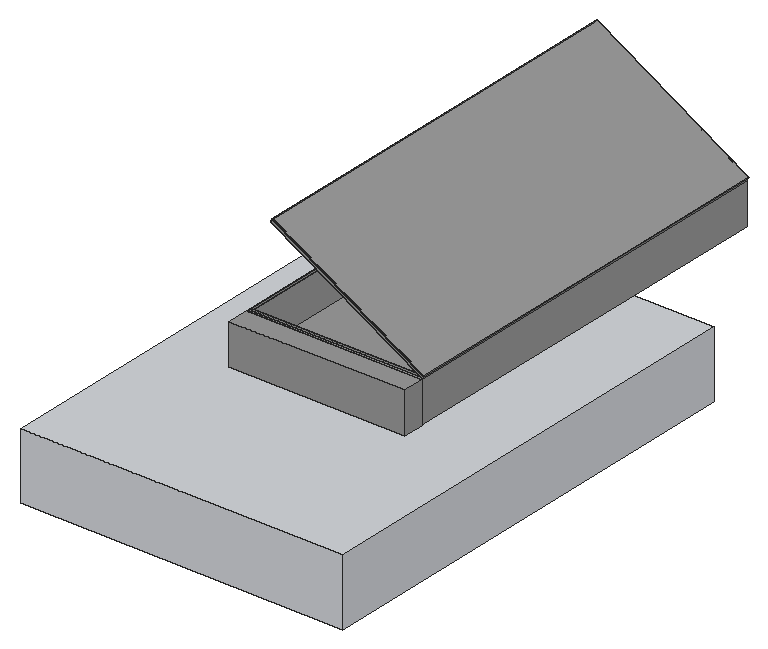
Revit family "Hager-Univers-IP54-D205-H1950-Cl.II-Encl-NoHosted-CH-de", category Equipement électrique, Revit 2020
Family settings
  Hôte = Face
  Configuration du panneau = Deux colonnes, circuits au sein
  Cote de connecteur circulaire = Utiliser le diamètre
  Type d'élément = Tableau de raccordement
  Couper avec des vides une fois chargée = Non
  Partagée = Non
  Point de calcul de pièce = Non
Parameters (values of type "Bodenaufstellung IP54 B800 H1950 T205  - FP23SW2")
  Width Control [instance] = if([EF000008 - Breite] > Min Width, [EF000008 - Breite], Min Width)  # 800 mm
  Commentaires du type = [HG000003 - Bereich]  # "Univers"
  Thickness Door [instance] = if([EF009171 - Materialstärke Tür/Deckel] > 3 mm, 3 mm, [EF009171 - Materialstärke Tür/Deckel])  # 1 mm
  Seal Frame Offset [instance] = 17 mm  # constant formula
  Plinth Visibility [instance] = [HG000027 - Sockelhöhe] > 0 mm  # yes
  Model = ""
  Min Width [instance] = 100 mm  # constant formula
  Min Height [instance] = 100 mm  # constant formula
  Min Depth [instance] = (2 * [EF009170 - Materialstärke Gehäuse]) + 1 mm  # 3 mm
  Internal Frame Depth [instance] = (Door System Depth * 0.5)  # 9 mm
  Height Control [instance] = if([EF000040 - Höhe] > Min Height, [EF000040 - Höhe], Min Height)  # 1950 mm
  HG000027 - Sockelhöhe = 100 mm
  HG000026 - Stehend auf dem Boden = yes
  HG000024 - Höhe des unteren Teils = 800 mm
  HG000023 - Gehäuse mit doppeltem Querschnitt = no
  HG000016 - 3D-Türsichtbarkeit [instance] = yes
  HG000015 - Sichtbarkeit der Türöffnung [instance] = no
  HG000014 - Tür rechts [instance] = yes
  HG000013 - Tür links [instance] = not([HG000014 - Tür rechts])  # no
  HG000012 - Türschwenkwinkel [instance] = 30.00°
  HG000010 - Asymmetrische Türen = no
  HG000009 - Doppelflügeligen Tür = no
  HG000006 - Unterputz = no
  HG000004 - Herstellerreferenz = "FP23SW2"
  HG000003 - Bereich = "Univers"
  HG000002 - Mit tür = yes
  Frame Offset Bottom [instance] = 10 mm  # constant formula
  Frame Offset [instance] = 15 mm  # constant formula
  EF015940 - Deckel mit Überdruckentlastung = no
  EF011959 - Schutzart (NEMA) = ""
  EF009554 - Anzahl der Öffnungen für Flanschplatten = 6
  Fabricant = "Hager"  # constant formula
  EF009212 - Ausführung Deckel = "EV000116 - geschlossen"
  EF009171 - Materialstärke Tür/Deckel = 1 mm
  EF009170 - Materialstärke Gehäuse = 1 mm
  EF008873 - Nennstrom (In) = 400 A
  EF007800 - Geeignet für Blitzschutz = no
  EF006306 - Mit Schloss = no
  EF006244 - Transparenter Deckel/Tür = no
  EF005474 - Schutzart (IP) = "EV006419 - IP54"
  EF004464 - Art der Tür = "EV002646 - Einzel"
  EF004427 - Anzahl der Module = 432
  EF004293 - Schlagfestigkeit = "EV006815 - IK09"
  EF003532 - Geeignet für Außengebrauch = no
  EF002950 - Breite in Teilungseinheiten = 36
  EF001613 - Funktionserhalt = "EV000494 - ohne"
  EF001596 - Werkstoff des Gehäuses = "EV000179 - Stahl"
  EF001131 - Innentiefe = 143 mm
  EF001088 - Anbaumöglichkeit = yes
  EF000437 - Anzahl der Leitungseinführungen = 6
  EF000339 - Art der Abdeckung = "EV001012 - Deckel"
  EF000266 - Anzahl der Reihen = 12
  EF000218 - Einbautiefe = 0 mm
  EF000118 - Mit Montageplatte = no
  EF000116 - RAL-Nummer = "9010"
  EF000049 - Tiefe = 205 mm
  EF000040 - Höhe = 1950 mm
  EF000008 - Breite = 800 mm
  EF000007 - Farbe = "EV000202 - weiß"
  EF000003 - Montageart = "EV012274 - Bodenaufstellung"
  Door System Leaf Tolerance [instance] = 1.5 mm  # constant formula
  Door System Depth [instance] = 18 mm  # constant formula
  Door Height [instance] = Height Control - [HG000027 - Sockelhöhe]  # 1850 mm
  Depth Control [instance] = if([EF000049 - Tiefe] > Min Depth, [EF000049 - Tiefe], Min Depth)  # 205 mm
  Default Elevation = 0 mm
  Connector Offset [instance] = Height Control / 2  # 975 mm
  Bottom Top Plate Trim [instance] = 1.5 mm  # constant formula
  Plinth height Ctrl [instance] = if([HG000027 - Sockelhöhe] > 0 mm, [HG000027 - Sockelhöhe], 12 mm)  # 100 mm
Types (5, lengths in mm): name | Width Control | HG000010 - Asymmetrische Türen | HG000009 - Doppelflügeligen Tür | HG000004 - Herstellerreferenz | EF009554 - Anzahl der Öffnungen für Flanschplatten | EF008873 - Nennstrom (In) | EF004464 - Art der Tür | EF004427 - Anzahl der Module | EF002950 - Breite in Teilungseinheiten | EF001131 - Innentiefe | EF000437 - Anzahl der Leitungseinführungen | EF000008 - Breite
  Bodenaufstellung IP54 B1050 H1950 T205  - FP24SW2 | 1050 | no | yes | "FP24SW2" | 8 | 400 A | "EV003602 - Doppel" | 576 | 48 | 143 | 8 | 1050
  Bodenaufstellung IP54 B1300 H1950 T205  - FP25SW2 | 1300 | yes | yes | "FP25SW2" | 10 | 400 A | "EV003602 - Doppel" | 720 | 60 | 130 | 10 | 1300
  Bodenaufstellung IP54 B300 H1950 T205  - FP21SW2 | 300 | no | no | "FP21SW2" | 2 | 250 A | "EV002646 - Einzel" | 144 | 12 | 143 | 2 | 300
  Bodenaufstellung IP54 B550 H1950 T205  - FP22SW2 | 550 | no | no | "FP22SW2" | 4 | 400 A | "EV002646 - Einzel" | 288 | 24 | 143 | 4 | 550
  Bodenaufstellung IP54 B800 H1950 T205  - FP23SW2 | 800 | no | no | "FP23SW2" | 6 | 400 A | "EV002646 - Einzel" | 432 | 36 | 143 | 6 | 800
Reference planes
  plane 1 "Center (Front/Back)": y = 0
  plane 2: z = 0
  plane 3 "Center (Left/Right)": x = 0
  plane 4: z = 205
  plane 5: y = 101
  plane 6: y = 1025
  plane 7: y = 100
  plane 8: y = 1950
  plane 9: z = 0
  plane 10: x = -385
  plane 11: x = 385
  plane 12: x = 384
  plane 13: x = -384
  plane 14: y = 1949
  plane 15: x = -383
  plane 16: x = -400
  plane 17: x = 383
  plane 18: x = 400
  plane 19: x = 399
  plane 20: x = -399
  plane 21: y = 111
  plane 22: y = 1950
  plane 23: y = 1934
  plane 24: z = 187
  plane 25: z = 1
  plane 26: z = 186
  plane 27: z = 204
Forms (mm)
  Extrusion 1, solid
    sketch origin (0, 0, 0) x (1, 0, 0) y (0, 1, 0)
      loop
        line (-702.964, 1305) -> (-702.964, -811.445) -> (766.763, -811.445) -> (766.763, 1305) -> (-702.964, 1305)
    from 0 to -304.8
  Extrusion 2, solid, material "Hager_Steel_RAL7035_Light_Grey", visible <- "Plinth Visibility", detail levels medium+fine
    sketch origin (0, 0, 0) x (1, 0, 0) y (0, 1, 0)
      loop
        line (-400, 0) -> (400, 0) -> (400, 100) -> (-400, 100) -> (-400, 0)
    from 0 to 187
  Extrusion 3, solid, material "Hager_Steel_RAL7035_Light_Grey", detail levels medium+fine
    sketch origin (0, 0, 0) x (1, 0, 0) y (0, 1, 0)
      loop
        line (-400, 100) -> (400, 100) -> (400, 1950) -> (-400, 1950) -> (-400, 100)
    from 0 to 187
  Extrusion 4, void
    sketch origin (0, 0, 0) x (1, 0, 0) y (0, 1, 0)
      loop
        line (-399, 101) -> (399, 101) -> (399, 1949) -> (-399, 1949) -> (-399, 101)
    from 1 to 186
  Extrusion 5, void
    sketch origin (-381.607, -4572, 187) x (0, -1, 0) y (-1, 0, 0)
      loop
        line (-4683, 2.393) -> (-6506, 2.393) -> (-6506, -765.607) -> (-4683, -765.607) -> (-4683, 2.393)
    from 0 to 1 <- "EF009170 - Materialstärke Gehäuse"
  Extrusion 6, solid, material "Hager_Steel_RAL7035_Light_Grey", detail levels fine
    sketch origin (0, 0, 187) x (1, 0, 0) y (0, 1, 0)
      loop
        line (-384, 1934) -> (-384, 111) -> (384, 111) -> (384, 1934) -> (-384, 1934)
      loop
        line (-385, 110) -> (385, 110) -> (385, 1935) -> (-385, 1935) -> (-385, 110)
    from 0 to 9 <- "Internal Frame Depth"
  Extrusion 7, solid, material "Hager_Steel_RAL7035_Light_Grey", detail levels coarse
    sketch origin (0, 0, 0) x (1, 0, 0) y (0, 1, 0)
      loop
        line (-400, 0) -> (400, 0) -> (400, 1950) -> (-400, 1950) -> (-400, 0)
    from 0 to 205
  Sweep 8, void
    path in 3D
      loop
        line (-400, 100, 0) -> (400, 100, 0) -> (400, 100, 187) -> (-400, 100, 187) -> (-400, 100, 0)
    profile origin (-400, 100, 93.5) x (-1, 0, 0) y (0, -1, 0)
      loop
        line (0, 0) -> (0, 1.5) -> (-1.5, 1.5)
        arc (-1.5, 1.5) -> (-1.061, 0.439) -> (0, 0) r 1.5
Cuts and joins
  Extrusion 4, Extrusion 5 cuts Extrusion 3
  Sweep 8 cuts Extrusion 2
Lines and regions (mm)
  Masking region 1
    outline origin (0, 0, 0) x (1, 0, 0) y (0, 0, 1)
      loop
        line (-400, 205) -> (-400, 0) -> (400, 0) -> (400, 205) -> (-400, 205)
  Masking region 2, detail levels medium+fine
    outline origin (0, 140, 0) x (0, 1, 0) y (0, 0, 1)
      loop
        line (-40, 0) -> (1810, 0) -> (1810, 187) -> (-40, 187) -> (-40, 0)
  Masking region 3, not visible, detail levels medium+fine
    outline origin (0, 297.922, 0) x (0, 1, 0) y (0, 0, 1)
      loop
        line (738.578, 0) -> (778.578, 0) -> (778.578, 194)
        arc (778.578, 194) -> (775.649, 201.071) -> (768.578, 204) r 10
        line (768.578, 204) -> (738.578, 204) -> (738.578, 0)
  Masking region 4, detail levels coarse
    outline origin (0, 0, 180) x (0, 1, 0) y (0, 0, 1)
      loop
        line (0, -180) -> (1950, -180) -> (1950, 25) -> (0, 25) -> (0, -180)
  Masking region 5, visible <- "Plinth Visibility", detail levels medium+fine
    outline origin (0, 52.24, 12.345) x (0, 0, -1) y (0, 1, 0)
      loop
        line (10.845, 47.76) -> (-173.155, 47.76)
        arc (-173.155, 47.76) -> (-173.594, 46.699) -> (-174.655, 46.26) r 1.5
        line (-174.655, 46.26) -> (-174.655, -52.24) -> (12.345, -52.24) -> (12.345, 46.26)
        arc (12.345, 46.26) -> (11.285, 46.699) -> (10.845, 47.76) r 1.5
  Masking region 6, detail levels medium+fine
    outline origin (-381.607, -4572, 187) x (-1, 0, 0) y (0, -1, 0)
      loop
        line (18.393, -6522) -> (18.393, -4672) -> (-781.607, -4672) -> (-781.607, -6522) -> (18.393, -6522)
  Masking region 7, visible <- "Plinth Visibility", detail levels medium+fine
    outline origin (-381.607, -4727, 187) x (-1, 0, 0) y (0, -1, 0)
      loop
        arc (16.893, -4827) -> (17.332, -4825.939) -> (18.393, -4825.5) r 1.5
        line (18.393, -4825.5) -> (18.393, -4727) -> (-781.607, -4727) -> (-781.607, -4825.5)
        arc (-781.607, -4825.5) -> (-780.546, -4825.939) -> (-780.107, -4827) r 1.5
        line (-780.107, -4827) -> (16.893, -4827)
  Masking region 8, detail levels coarse
    outline origin (-442.548, -4669.526, 187) x (-1, 0, 0) y (0, -1, 0)
      loop
        line (-42.548, -6619.526) -> (-42.548, -4669.526) -> (-842.548, -4669.526) -> (-842.548, -6619.526) -> (-42.548, -6619.526)
  sketch lines
    curve 1: line (-400, 100, 187) -> (-400, 100, 0)
    curve 2: line (400, 100, 187) -> (-400, 100, 187)
    curve 3: line (400, 100, 187) -> (400, 100, 0)
    curve 4: line (-400, 100, 0) -> (400, 100, 0)
Dimensions and locks
  "Depth Control": plane 4 to Extrusion 1
  "HG000027 - Sockelhöhe": plane 1 "Center (Front/Back)" to plane 7
  "EF009170 - Materialstärke Gehäuse": plane 5 to plane 7
  locked: connector elem to plane 3 "Center (Left/Right)"
  equal spacing: plane 8, plane 6, plane 7
  locked: connector elem to plane 6
  "EF009170 - Materialstärke Gehäuse": plane 8 to plane 14
  "EF009170 - Materialstärke Gehäuse": plane 10 to plane 13
  "EF009170 - Materialstärke Gehäuse": plane 12 to plane 11
  "Frame Offset": plane 20 to plane 13
  "Frame Offset": plane 12 to plane 19
  "EF009170 - Materialstärke Gehäuse": plane 16 to plane 20
  "EF009170 - Materialstärke Gehäuse": plane 19 to plane 18
  "Seal Frame Offset": plane 16 to plane 15
  "Seal Frame Offset": plane 17 to plane 18
  "Frame Offset Bottom": plane 21 to plane 5
  "Frame Offset": plane 14 to plane 23
  equal spacing: plane 16, plane 3 "Center (Left/Right)", plane 18
  "Width Control": plane 16 to plane 18
  "EF009170 - Materialstärke Gehäuse": plane 4 to plane 27
  "EF009170 - Materialstärke Gehäuse": plane 24 to plane 26
  "EF009170 - Materialstärke Gehäuse": plane 25 to level
  "Door System Depth": plane 4 to plane 24
  "Height Control": plane 1 "Center (Front/Back)" to Extrusion 7 sketch curve
  "Height Control": Masking region 4 sketch curve to plane 1 "Center (Front/Back)"
  "Height Control": plane 1 "Center (Front/Back)" to plane 22
  "Bottom Top Plate Trim": profile plane to Sweep 8 sketch curve
  "Bottom Top Plate Trim": Sweep 8 sketch curve to profile plane
  "Plinth height Ctrl": plane 1 "Center (Front/Back)" to Extrusion 2 sketch curve
  "Plinth height Ctrl": Masking region 5 sketch curve to plane 1 "Center (Front/Back)"
  "Plinth height Ctrl": plane 1 "Center (Front/Back)" to Masking region 7 sketch curve
  "Thickness Door": Extrusion 6 sketch curve to Extrusion 6 sketch curve  (x3)
  "Thickness Door": cut or joined group of Extrusion 3, Extrusion 4, Extrusion 5 to Extrusion 6 sketch curve
  radius of Masking region 3 sketch curve = 10 mm
  "Bottom Top Plate Trim": radius of Masking region 5 sketch curve  (x2)
  "Bottom Top Plate Trim": radius of Sweep 8 sketch curve
  "Bottom Top Plate Trim": radius of Masking region 7 sketch curve  (x2)
  aligned and locked: plane 2 to Extrusion 1
  aligned and locked: level to Extrusion 1
  aligned and locked: level to Masking region 1 sketch curve
  aligned and locked: Masking region 1 sketch curve to plane 18
  aligned and locked: Masking region 1 sketch curve to plane 16
  aligned and locked: plane 7 to Masking region 2 sketch curve
  aligned and locked: level to Masking region 3 sketch curve
  aligned and locked: Masking region 3 sketch curve to plane 27
  aligned and locked: level to Masking region 2 sketch curve
  aligned and locked: plane 1 "Center (Front/Back)" to Extrusion 2 sketch curve
  aligned and locked: Extrusion 3 sketch curve to plane 7
  aligned and locked: plane 16 to Extrusion 3 sketch curve
  aligned and locked: plane 18 to Extrusion 3 sketch curve
  aligned and locked: plane 20 to Extrusion 4 sketch curve
  aligned and locked: plane 19 to Extrusion 4 sketch curve
  aligned and locked: Extrusion 4 sketch curve to plane 5
  aligned and locked: Extrusion 4 to plane 25
  aligned and locked: plane 26 to Extrusion 4
  aligned and locked: plane 24 to Extrusion 3
  aligned and locked: Extrusion 5 sketch curve to plane 21
  aligned and locked: Extrusion 5 sketch curve to plane 13
  aligned and locked: Extrusion 5 sketch curve to plane 12
  aligned and locked: plane 18 to Extrusion 7 sketch curve
  aligned and locked: plane 1 "Center (Front/Back)" to Extrusion 7 sketch curve
  aligned and locked: plane 16 to Extrusion 7 sketch curve
  aligned and locked: plane 4 to Extrusion 7
  aligned and locked: Extrusion 7 to level
  aligned and locked: level to Masking region 4 sketch curve
  aligned and locked: Masking region 4 sketch curve to plane 1 "Center (Front/Back)"
  aligned and locked: Masking region 4 sketch curve to plane 4
  aligned and locked: nested 1 to level
  aligned and locked: nested 1 to plane 16
  aligned and locked: plane 8 to Extrusion 3 sketch curve
  aligned and locked: plane 23 to Extrusion 5 sketch curve
  aligned and locked: plane 14 to Extrusion 4 sketch curve
  aligned and locked: Masking region 2 sketch curve to plane 8
  aligned and locked: level to Masking region 5 sketch curve
  aligned and locked: plane 16 to Extrusion 2 sketch curve
  aligned and locked: plane 18 to Extrusion 2 sketch curve
  aligned and locked: Masking region 5 sketch curve to plane 24
  aligned and locked: Masking region 2 sketch curve to plane 24
  aligned and locked: plane 24 to Extrusion 2
  aligned and locked: profile plane to Sweep 8 sketch curve  (x2)
  aligned and locked: Masking region 6 sketch curve to plane 18
  aligned and locked: Masking region 6 sketch curve to plane 22
  aligned and locked: Masking region 6 sketch curve to plane 16
  aligned and locked: plane 8 to plane 22
  aligned and locked: Masking region 6 sketch curve to plane 7
  aligned and locked: Masking region 7 sketch curve to plane 16
  aligned and locked: Masking region 7 sketch curve to plane 1 "Center (Front/Back)"
  aligned and locked: Masking region 7 sketch curve to plane 18
  aligned and locked: Masking region 8 sketch curve to plane 1 "Center (Front/Back)"
  aligned and locked: Masking region 8 sketch curve to plane 18
  aligned and locked: Masking region 8 sketch curve to plane 22
  aligned and locked: Masking region 8 sketch curve to plane 16
  aligned and locked: nested 2 to plane 7
  aligned and locked: plane 3 "Center (Left/Right)" to nested 2
  aligned and locked: nested 2 to plane 24
  aligned and locked: Extrusion 6 sketch curve to cut or joined group of Extrusion 3, Extrusion 4, Extrusion 5  (x4)
Automatic sketch dimensions
  Extrusion 1 sketch curve to Extrusion 1 sketch curve = 1469.727 mm
  Extrusion 1 sketch curve to Extrusion 1 sketch curve = 2116.445 mm
  Masking region 1 sketch curve to plane 4 = 0 mm
  plane 6 to Masking region 3 sketch curve = 11.5 mm
  Masking region 3 sketch curve to Masking region 3 sketch curve = 30 mm
  Masking region 5 sketch curve to plane 1 "Center (Front/Back)" = 0 mm
Nested families
  nested 1: "Hager_Enclosure_Symbol" at (-400, 0, 0) x (1, 0, 0) z (0, -1, 0), Height <- "Depth Control", Width <- "Width Control", type "Hager_Enclosure_Symbol"
    with Width_Ctrl 800 mm, Width 800 mm, Height_Ctrl 205 mm, Height 205 mm, A_Width_Int 13.453 mm, A_Width 161.438 mm, A_Height_Ctrl 179.375 mm, A_Height 179.375 mm
  nested 2: "EC000058_Univers_Door" at (0, 100, 187) x (1, 0, 0) z (0, 1, 0), Leaf_Tolerance <- "Door System Leaf Tolerance", Angle <- "HG000012 - Türschwenkwinkel", Door_Depth <- "Door System Depth", Door_Left <- "HG000013 - Tür links", Transparent <- "EF006244 - Transparenter Deckel/Tür", Assymetrical <- "HG000010 - Asymmetrische Türen", Width <- "Width Control", Clearance <- "HG000015 - Sichtbarkeit der Türöffnung", Double <- "HG000009 - Doppelflügeligen Tür", 3d_Door <- "HG000016 - 3D-Türsichtbarkeit", Lock_Visibility <- "EF006306 - Mit Schloss", Width_Ctrl <- "Width Control", Door_Right <- "HG000014 - Tür rechts", Door <- "HG000002 - Mit tür", Height <- "Door Height", Thickness <- "Thickness Door", type "EC000058_Univers_Door", detail levels medium+fine
    with min_wh 3 mm, Width_Ctrl 800 mm, Width 800 mm, Transparent no, Thickness 1 mm, Seal_Material Hager_Rubber, Lock_Visibility no, Lock_Material Hager_Plastic_RAL9005_Jet_Black, Leaf_Width 800 mm, Leaf_Tolerance_External_Sides 0 mm, Leaf_Tolerance 1.5 mm, Leaf_Offset 0 mm, Leaf_Height 1847 mm, Leaf_2_Width 800 mm, Leaf_2_Offset 400 mm, Leaf_1_Width 800 mm, Leaf_1_Offset 400 mm, Height_Ctrl 1850 mm, Height 1850 mm, Glass_Material Hager_Glass, Double_Clearance_Ctrl no, Double no, Door_Right_Ctrl yes, Door_Right yes, Door_Material Hager_Steel_RAL7035_Light_Grey, Door_Left_Ctrl no, Door_Left no, Door_Depth 18 mm, Door yes, Clearance_Material Hager_Clearance, Clearance_Depth 800 mm, Clearance_Ctrl no, Clearance no, Assymetrical no, Angle 30.00°, 3d_Door yes
Connectors
  electrical at (0, 1025, 0)
    settings: on plane 9, index 1, voltage 0 V, apparent load 0 VA, apparent load phase1 0 VA, apparent load phase2 0 VA, apparent load phase3 0 VA, power factor 1, load classification "Other", number of poles 1, system type 30, power factor state 1, is connector primary yes, connector utility no, sub classification motor no, connector description ""
Definition of nested family "EC000058_Univers_Door"
  Parameters (values of type "EC000058_Univers_Door")
    min_wh [instance] = (2 * Thickness) + 1 mm  # 11 mm
    Width_Ctrl [instance] = 400 mm
    Width [instance] = 500 mm
    Transparent [instance] = yes
    Thickness [instance] = 5 mm
    Seal_Material [instance] = none
    Lock_Visibility [instance] = yes
    Lock_Material [instance] = none
    Leaf_Width [instance] = if((Width_Ctrl - 2 * Leaf_Tolerance_External_Sides) > 0 mm, (Width_Ctrl - 2 * Leaf_Tolerance_External_Sides), min_wh)  # 400 mm
    Leaf_Tolerance_External_Sides [instance] = 0 mm  # constant formula
    Leaf_Tolerance [instance] = 1.5 mm
    Leaf_Offset [instance] = 0 mm  # constant formula
    Leaf_Height [instance] = if((Height_Ctrl - 2 * Leaf_Tolerance) > 0 mm, (Height_Ctrl - 2 * Leaf_Tolerance), min_wh)  # 497 mm
    Leaf_2_Width [instance] = if(and(and(Double, Assymetrical), Door_Left), (Leaf_Width / 3) - (Leaf_Tolerance / 2), if(and(and(Double, Assymetrical), Door_Right), (Leaf_Width / 3) * 2 - (Leaf_Tolerance / 2), if(and(Double, not(Assymetrical)), (Leaf_Width / 2) - Leaf_Tolerance, Leaf_Width)))  # 400 mm
    Leaf_2_Offset [instance] = if(and(Double, Assymetrical), Leaf_2_Width / 2, if(and(Double, not(Assymetrical)), Leaf_Width / 4, Leaf_Width / 2))  # 200 mm
    Leaf_1_Width [instance] = if(and(and(Double, Assymetrical), Door_Right), (Leaf_Width / 3) - (Leaf_Tolerance / 2), if(and(and(Double, Assymetrical), Door_Left), (Width / 3) * 2 - (Leaf_Tolerance / 2), if(and(Double, not(Assymetrical)), (Leaf_Width / 2) - Leaf_Tolerance, Leaf_Width)))  # 400 mm
    Leaf_1_Offset [instance] = if(and(Double, Assymetrical), Leaf_1_Width / 2, if(and(Double, not(Assymetrical)), Leaf_Width / 4, Leaf_Width / 2))  # 200 mm
    Height_Ctrl [instance] = if(Height > min_wh, Height, min_wh)  # 500 mm
    Height [instance] = 500 mm
    Glass_Material [instance] = none
    Double_Clearance_Ctrl [instance] = and(Double, Clearance)  # no
    Double [instance] = no
    Door_Right_Ctrl [instance] = and(or(Door_Right, Double), Door)  # yes
    Door_Right [instance] = yes
    Door_Material [instance] = none
    Door_Left_Ctrl [instance] = and(or(Door_Left, Double), Door)  # no
    Door_Left [instance] = no
    Door_Depth [instance] = 30 mm
    Door [instance] = yes
    Default Elevation = 1219.2 mm
    Clearance_Material [instance] = none
    Clearance_Depth [instance] = if(Leaf_1_Width > Leaf_2_Width, Leaf_1_Width, Leaf_2_Width)  # 400 mm
    Clearance_Ctrl [instance] = and(not(Double), Clearance)  # yes
    Clearance [instance] = yes
    Assymetrical [instance] = yes
    Angle [instance] = 30.00°
    3d_Door [instance] = yes
  Reference planes
    plane 1 "Center (Front/Back)": y = 0
    plane 2 "Bottom": z = 0
    plane 3 "Center (Left/Right)": x = 0
    plane 4: z = 500
    plane 5: x = -200
    plane 6: x = 200
    plane 7: z = 500
    plane 8: x = -200
    plane 9: z = 0
    plane 10: x = 200
    plane 11: y = 0
    plane 12: z = 1.5
    plane 13: x = -600
    plane 14: y = -400
    plane 15: x = 600
    plane 16: x = 0
    plane 17: x = 0
    plane 18: x = -200
    plane 19: x = 200
    plane 20: z = 498.5
  Forms (mm)
    Extrusion 1, solid, material <- "Clearance_Material", visible <- "Double_Clearance_Ctrl"
      sketch origin (1200, 0, 0) x (1, 0, 0) y (0, 0, -1)
        loop
          line (-1800, -498.5) -> (-600, -498.5) -> (-600, 0) -> (-1800, 0) -> (-1800, -498.5)
      from 0 to -400
  Dimensions and locks
    equal spacing: plane 5, plane 3 "Center (Left/Right)", plane 6
    "Width_Ctrl": plane 5 to plane 6
    "Leaf_Offset": plane 5 to plane 8
    "Leaf_Offset": plane 6 to plane 10
    "Leaf_Offset": plane 9 to level
    "Leaf_Offset": plane 4 to plane 7
    "Height_Ctrl": plane 4 to level
    "Leaf_Tolerance": plane 12 to plane 9
    locked: plane 11 to plane 1 "Center (Front/Back)"
    "Leaf_1_Offset": plane 18 to plane 16
    "Leaf_2_Offset": plane 17 to plane 19
    "Leaf_1_Width": plane 13 to plane 8
    "Leaf_2_Width": plane 10 to plane 15
    "Clearance_Depth": plane 14 to plane 1 "Center (Front/Back)"
    "Leaf_Tolerance_External_Sides": plane 8 to plane 18
    "Leaf_Tolerance_External_Sides": plane 19 to plane 10
    "Leaf_Tolerance": plane 7 to plane 20
    aligned and locked: level to plane 2 "Bottom"
    aligned and locked: nested 1 to plane 16
    aligned and locked: nested 2 to plane 17
    aligned and locked: Extrusion 1 to plane 13
    aligned and locked: plane 15 to Extrusion 1
    aligned and locked: Extrusion 1 to plane 14
    aligned and locked: plane 12 to nested 1
    aligned and locked: nested 2 to plane 12
    aligned and locked: Extrusion 1 to plane 11
    aligned and locked: plane 20 to Extrusion 1
    aligned and locked: nested 2 to plane 11
    aligned and locked: nested 1 to plane 11
  Automatic sketch dimensions
    Extrusion 1 sketch curve to level = 0 mm
    plane 5 to Extrusion 1 sketch curve = 400 mm
    plane 6 to Extrusion 1 sketch curve = 400 mm
    Extrusion 1 sketch curve to plane 4 = 1.5 mm
  Nested families
    nested 1: "EC000058_Univers_Door_Leaf" at (0, 0, 1.5), Width <- "Leaf_1_Width", visible <- "Door_Left_Ctrl", Leaf_Height <- "Leaf_Height", Angle <- "Angle", 3d_Door <- "3d_Door", Transparent <- "Transparent", Clearance Material <- "Clearance_Material", Clearance <- "Clearance_Ctrl", Door_Material <- "Door_Material", Glass_Material <- "Glass_Material", Door_Depth <- "Door_Depth", Lock_Material <- "Lock_Material", Seal_Material <- "Seal_Material", Lock_Visibility <- "Lock_Visibility", Thickness <- "Thickness", type "EC000058_Univers_Door_Leaf"
      with Width 400 mm, Transparent_Glass_Offset 30 mm, Transparent_Ctrl yes, Transparent yes, Thickness 5 mm, Standard no, Seal_Material none, Seal_D2 8 mm, Seal_D1 1 mm, Offset_Internal_Frame 10 mm, Lock_Width 20 mm, Lock_Visibility_3d yes, Lock_Visibility yes, Lock_Thickness_3 3 mm, Lock_Thickness_2 1 mm, Lock_Thickness_1 3 mm, Lock_Radius_Offset_2 16 mm, Lock_Radius_Offset_1 15 mm, Lock_Radius_2 5 mm, Lock_Radius 6 mm, Lock_Offset 5 mm, Lock_Material none, Lock_Height 80 mm, Lock_Cover_Top_Offset_2d 17 mm, Lock_Cover_Height -65 mm, Leaf_Height 497 mm, Internal_Seal_Thickness 8 mm, Internal_Seal_Depth_2 4.5 mm, Internal_Frame_Depth 25 mm, Glass_Thickness -1 mm, Glass_Offset -2 mm, Glass_Material none, Door_Material none, Door_Depth 30 mm, Clearance Material none, Clearance yes, Angle_Ctrl 30.00°, Angle 30.00°, 3d_Door yes
    nested 2: "EC000058_Univers_Door_Leaf" at (0, 0, 1.5) x (-1, 0, 0) z (0, 0, 1), Width <- "Leaf_2_Width", visible <- "Door_Right_Ctrl", Leaf_Height <- "Leaf_Height", Angle <- "Angle", 3d_Door <- "3d_Door", Transparent <- "Transparent", Clearance Material <- "Clearance_Material", Clearance <- "Clearance_Ctrl", Door_Material <- "Door_Material", Glass_Material <- "Glass_Material", Door_Depth <- "Door_Depth", Lock_Material <- "Lock_Material", Seal_Material <- "Seal_Material", Lock_Visibility <- "Lock_Visibility", Thickness <- "Thickness", type "EC000058_Univers_Door_Leaf"
      with Width 400 mm, Transparent_Glass_Offset 30 mm, Transparent_Ctrl yes, Transparent yes, Thickness 5 mm, Standard no, Seal_Material none, Seal_D2 8 mm, Seal_D1 1 mm, Offset_Internal_Frame 10 mm, Lock_Width 20 mm, Lock_Visibility_3d yes, Lock_Visibility yes, Lock_Thickness_3 3 mm, Lock_Thickness_2 1 mm, Lock_Thickness_1 3 mm, Lock_Radius_Offset_2 16 mm, Lock_Radius_Offset_1 15 mm, Lock_Radius_2 5 mm, Lock_Radius 6 mm, Lock_Offset 5 mm, Lock_Material none, Lock_Height 80 mm, Lock_Cover_Top_Offset_2d 17 mm, Lock_Cover_Height -65 mm, Leaf_Height 497 mm, Internal_Seal_Thickness 8 mm, Internal_Seal_Depth_2 4.5 mm, Internal_Frame_Depth 25 mm, Glass_Thickness -1 mm, Glass_Offset -2 mm, Glass_Material none, Door_Material none, Door_Depth 30 mm, Clearance Material none, Clearance yes, Angle_Ctrl 30.00°, Angle 30.00°, 3d_Door yes
  Definition of nested family "EC000058_Univers_Door_Leaf"
    Parameters (values of type "EC000058_Univers_Door_Leaf")
      Width [instance] = 2000 mm
      Transparent_Glass_Offset [instance] = 30 mm
      Transparent_Ctrl [instance] = and(Transparent, [3d_Door])  # yes
      Transparent [instance] = yes
      Thickness [instance] = 5 mm
      Standard [instance] = and(not(Transparent), [3d_Door])  # no
      Seal_Material [instance] = none
      Seal_D2 [instance] = 8 mm  # constant formula
      Seal_D1 [instance] = 1 mm  # constant formula
      Offset_Internal_Frame [instance] = 10 mm  # constant formula
      Lock_Width [instance] = 20 mm  # constant formula
      Lock_Visibility_3d [instance] = and(Lock_Visibility, [3d_Door])  # yes
      Lock_Visibility [instance] = yes
      Lock_Thickness_3 [instance] = 3 mm  # constant formula
      Lock_Thickness_2 [instance] = 1 mm  # constant formula
      Lock_Thickness_1 [instance] = 3 mm  # constant formula
      Lock_Radius_Offset_2 [instance] = Lock_Radius_Offset_1 + 1 mm  # 16 mm
      Lock_Radius_Offset_1 [instance] = 15 mm  # constant formula
      Lock_Radius_2 [instance] = Lock_Radius - 1 mm  # 5 mm
      Lock_Radius [instance] = 6 mm  # constant formula
      Lock_Offset [instance] = 5 mm  # constant formula
      Lock_Material [instance] = none
      Lock_Height [instance] = 80 mm  # constant formula
      Lock_Cover_Top_Offset_2d [instance] = Lock_Radius_Offset_2 + 1 mm  # 17 mm
      Lock_Cover_Height [instance] = -(Lock_Height - Lock_Radius_Offset_1)  # -65 mm
      Leaf_Height [instance] = 2720.336 mm
      Internal_Seal_Thickness [instance] = 8 mm  # constant formula
      Internal_Seal_Depth_2 [instance] = 4.5 mm  # constant formula
      Internal_Frame_Depth [instance] = if(Door_Depth - Thickness > 5 mm, Door_Depth - Thickness, 5 mm)  # 25 mm
      Glass_Thickness [instance] = if(Thickness > 15 mm, Glass_Offset + 10 mm, -1 mm)  # -1 mm
      Glass_Offset [instance] = if(Thickness > 15 mm, -(Thickness + 10 mm) / 2, -2 mm)  # -2 mm
      Glass_Material [instance] = none
      Door_Material [instance] = none
      Door_Depth [instance] = 30 mm
      Default Elevation = 0 mm
      Clearance Material [instance] = none
      Clearance [instance] = yes
      Angle_Ctrl [instance] = if(Angle > 180.00°, 180.00°, Angle)  # 90.00°
      Angle [instance] = 90.00°
      3d_Door [instance] = yes
    Reference planes
      plane 1 "Center (Front/Back)": y = 0
      plane 2: z = 0
      plane 3 "Center (Left/Right)": x = 0
      plane 4: y = 2000
      plane 5: x = -1000
      plane 6: x = 1000
      plane 7: x = -3000
      plane 8: z = 2720.336
      plane 9: z = 30
      plane 10: z = 2690.336
      plane 11: x = 970
      plane 12: x = -970
      plane 13: y = -3
      plane 14: z = 107.833
      plane 15: y = -5
      plane 16: y = -223.314
      plane 17: x = -1000
      plane 18: z = 1360.168
      plane 19: y = 30
    Forms (mm)
      Extrusion 1, solid, material <- "Clearance Material", visible <- "Clearance"
        sketch origin (0, 0, 0) x (1, 0, 0) y (0, 0, 1)
          loop
            line (-3000, 2720.336) -> (-3000, 0) -> (1000, 0) -> (1000, 2720.336) -> (-3000, 2720.336)
        from 0 to -2000
      Extrusion 2, solid, material <- "Door_Material", visible <- "Standard", detail levels medium+fine
        sketch origin (-1000, 0, 0) x (0, 1, 0) y (-1, 0, 0)
          loop
            line (0, 30) -> (0, 25) -> (2000, 25) -> (2000, 30) -> (0, 30)
        from 0 to 2720.336 <- "Leaf_Height"
      Extrusion 3, solid, material <- "Door_Material", visible <- "Transparent_Ctrl", detail levels medium+fine
        sketch origin (-1000, 0, 0) x (0, 1, 0) y (-1, 0, 0)
          loop
            line (0, 25) -> (2000, 25) -> (2000, 30) -> (0, 30) -> (0, 25)
        from 0 to 2720.336 <- "Leaf_Height"
      Extrusion 4, void
        sketch origin (-1025, 2000, 0) x (0, 1, 0) y (0, 0, -1)
          loop
            line (-30, -2690.336) -> (-30, -30) -> (-1970, -30) -> (-1970, -2690.336) -> (-30, -2690.336)
        from 0 to 5 <- "Thickness"
      Sweep 5, solid, material <- "Seal_Material", visible <- "Transparent_Ctrl", detail levels fine
        path in 3D
          loop
            line (-1025, 30, 30) -> (-1025, 30, 2690.336) -> (-1025, 1970, 2690.336) -> (-1025, 1970, 30) -> (-1025, 30, 30)
        profile origin (-1025, 1000, 30) x (1, 0, 0) y (0, 0, 1)
          loop
            line (0, 0) -> (0, -8) -> (1, -8) -> (1, 0) -> (0, 0)
      Extrusion 6, solid, material <- "Glass_Material", visible <- "Transparent_Ctrl", detail levels medium+fine
        sketch origin (-1030, 0, 0) x (0, 1, 0) y (0, 0, -1)
          loop
            line (1970, -2690.336) -> (1970, -30) -> (30, -30) -> (30, -2690.336) -> (1970, -2690.336)
        from -2 <- "Glass_Offset" to -1 <- "Glass_Thickness"
      Extrusion 7, solid, material <- "Door_Material", visible <- "3d_Door", detail levels medium+fine
        sketch origin (-1025, 2000, 0) x (0, -1, 0) y (0, 0, -1)
          loop
            line (0, -2720.336) -> (2000, -2720.336) -> (2000, 0) -> (0, 0) -> (0, -2720.336)
          loop
            line (1995, -5) -> (5, -5) -> (5, -2715.336) -> (1995, -2715.336) -> (1995, -5)
        from 0 to 25 <- "Internal_Frame_Depth"
      Sweep 8, solid, material <- "Seal_Material", visible <- "Transparent_Ctrl", detail levels fine
        path in 3D
          loop
            line (-1025, 0, 0) -> (-1025, 2000, 0) -> (-1025, 2000, 2720.336) -> (-1025, 0, 2720.336) -> (-1025, 0, 0)
        profile origin (-1025, 0, 1360.168) x (1, 0, 0) y (0, 1, 0)
          loop
            line (0, 10) -> (2.975, 10)
            arc (2.975, 10) -> (4.053, 10.447) -> (4.5, 11.525) r 1.525
            line (4.5, 11.525) -> (4.5, 16.527)
            arc (4.5, 16.527) -> (4.069, 17.569) -> (3.027, 18) r 1.473
            line (3.027, 18) -> (0, 18) -> (0, 10)
      Extrusion 9, solid, material <- "Lock_Material", visible <- "Lock_Visibility_3d", detail levels fine
        sketch origin (-1030, 0, 0) x (0, 1, 0) y (0, 0, -1)
          loop
            arc (1993.5, -1400.168) -> (1994.561, -1399.729) -> (1995, -1398.668) r 1.5
            line (1995, -1398.668) -> (1995, -1320.168) -> (1975, -1320.168) -> (1975, -1398.668)
            arc (1975, -1398.668) -> (1975.439, -1399.729) -> (1976.5, -1400.168) r 1.5
            line (1976.5, -1400.168) -> (1993.5, -1400.168)
        from 3 <- "Lock_Thickness_1" to 0
      Blend 10, solid, material <- "Lock_Material", visible <- "Lock_Visibility_3d", detail levels fine
        base sketch origin (-1033, 0, 0) x (0, 1, 0) y (0, 0, -1)
          loop
            line (1975, -1320.168) -> (1975, -1398.668)
            arc (1975, -1398.668) -> (1975.439, -1399.729) -> (1976.5, -1400.168) r 1.5
            line (1976.5, -1400.168) -> (1993.5, -1400.168)
            arc (1993.5, -1400.168) -> (1994.561, -1399.729) -> (1995, -1398.668) r 1.5
            line (1995, -1398.668) -> (1995, -1320.168) -> (1975, -1320.168)
        top sketch origin (-1033, 0, 0) x (0, 1, 0) y (0, 0, -1)
          loop
            line (1976, -1320.168) -> (1976, -1398.668)
            arc (1976, -1398.668) -> (1976.146, -1399.022) -> (1976.5, -1399.168) r 0.5
            line (1976.5, -1399.168) -> (1993.5, -1399.168)
            arc (1993.5, -1399.168) -> (1993.854, -1399.022) -> (1994, -1398.668) r 0.5
            line (1994, -1398.668) -> (1994, -1320.168) -> (1976, -1320.168)
        from 0 to 1 <- "Lock_Thickness_2"
      Blend 11, solid, material <- "Lock_Material", visible <- "Lock_Visibility_3d", detail levels fine
        base sketch origin (-1034, 0, 0) x (0, 1, 0) y (0, 0, -1)
          loop
            line (1978, -1320.168) -> (1978, -1384.168)
            arc (1978, -1384.168) -> (1985, -1391.168) -> (1992, -1384.168) r 7
            line (1992, -1384.168) -> (1992, -1320.168) -> (1978, -1320.168)
        top sketch origin (-1034, 0, 0) x (0, 1, 0) y (0, 0, -1)
          loop
            line (1991, -1320.168) -> (1979, -1320.168) -> (1979, -1383.168)
            arc (1979, -1383.168) -> (1985, -1389.168) -> (1991, -1383.168) r 6
            line (1991, -1383.168) -> (1991, -1320.168)
        from 0 to 3 <- "Lock_Thickness_3"
      Extrusion 12, solid, material <- "Lock_Material", visible <- "Lock_Visibility_3d", detail levels fine
        sketch origin (-1030, 1975, 1320.168) x (1, 0, 0) y (0, -1, 0)
          loop
            line (-7, -19) -> (-7, -1) -> (0, -1) -> (0, 0) -> (-8, 0) -> (-8, -20) -> (0, -20) -> (0, -19) -> (-7, -19)
        from 0 to -65 <- "Lock_Cover_Height"
      Extrusion 13, void
        sketch origin (-1038, 1995, 1320.168) x (-1, 0, 0) y (0, 0, -1)
          loop
            line (-5, -65) -> (0, -65) -> (-5, -60) -> (-5, -65)
        from 0 to 20 <- "Lock_Width"
      Extrusion 14, void
        sketch origin (-1038, 1975, 1320.168) x (0, -1, 0) y (0, 0, -1)
          loop
            circle (-10, -15.995) r 6
          loop
            circle (-10, -15.995) r 5
        from 0 to 2
      Extrusion 15, solid, material <- "Lock_Material", visible <- "Lock_Visibility_3d", detail levels medium
        sketch origin (-1030, 0, 0) x (0, 1, 0) y (0, 0, -1)
          loop
            arc (1993.5, -1400.168) -> (1994.561, -1399.729) -> (1995, -1398.668) r 1.5
            line (1995, -1398.668) -> (1995, -1320.168) -> (1975, -1320.168) -> (1975, -1398.668)
            arc (1975, -1398.668) -> (1975.439, -1399.729) -> (1976.5, -1400.168) r 1.5
            line (1976.5, -1400.168) -> (1993.5, -1400.168)
        from 8 to 0
    Cuts and joins
      Extrusion 4 cuts Extrusion 3
      Extrusion 13, Extrusion 14 cuts Extrusion 9
      Extrusion 14 cuts Blend 11
      Extrusion 13, Extrusion 14 cuts Extrusion 12
      joined: Extrusion 9, Blend 10, Blend 11, Extrusion 12
      Extrusion 14 cuts Extrusion 15
    Lines and regions (mm)
      Masking region 1, visible <- "Lock_Visibility", detail levels fine
        outline origin (0, 0, 0) x (0, 1, 0) y (0, 0, 1)
          loop
            line (30, 1320.168) -> (33, 1320.168) -> (33, 1400.168) -> (30, 1400.168) -> (30, 1320.168)
      Masking region 2, visible <- "Lock_Visibility", detail levels fine
        outline origin (0, 3.143, 0) x (0, 1, 0) y (0, 0, 1)
          loop
            line (29.857, 1354.168) -> (30.857, 1354.168) -> (30.857, 1366.168) -> (29.857, 1366.168) -> (29.857, 1354.168)
      Masking region 3, detail levels medium+fine
        outline origin (0, 0, 0) x (0, 1, 0) y (0, 0, 1)
          loop
            line (0, 0) -> (30, 0) -> (30, 2720.336) -> (0, 2720.336) -> (0, 0)
      Masking region 4, detail levels medium+fine
        outline origin (0, 0, 0) x (1, 0, 0) y (0, 0, 1)
          loop
            line (-1000, 2720.336) -> (-1000, 0) -> (1000, 0) -> (1000, 2720.336) -> (-1000, 2720.336)
      Masking region 5, visible <- "Lock_Visibility", detail levels fine
        outline origin (-47.116, 0, 0) x (1, 0, 0) y (0, 0, 1)
          loop
            arc (1024.616, 1399.168) -> (1023.556, 1398.729) -> (1023.116, 1397.668) r 1.5
            line (1023.116, 1397.668) -> (1023.116, 1320.168) -> (1041.116, 1320.168) -> (1041.116, 1397.668)
            arc (1041.116, 1397.668) -> (1040.677, 1398.729) -> (1039.616, 1399.168) r 1.5
            line (1039.616, 1399.168) -> (1024.616, 1399.168)
      Masking region 6, visible <- "Lock_Visibility", detail levels medium+fine
        outline origin (-25, 0, 0) x (1, 0, 0) y (0, 0, 1)
          loop
            arc (1001.5, 1400.168) -> (1000.439, 1399.729) -> (1000, 1398.668) r 1.5
            line (1000, 1398.668) -> (1000, 1320.168) -> (1020, 1320.168) -> (1020, 1398.668)
            arc (1020, 1398.668) -> (1019.561, 1399.729) -> (1018.5, 1400.168) r 1.5
            line (1018.5, 1400.168) -> (1001.5, 1400.168)
      Masking region 7, visible <- "Lock_Visibility", detail levels fine
        outline origin (-73.735, 0, 0) x (1, 0, 0) y (0, 0, 1)
          loop
            line (1051.735, 1382.168) -> (1065.735, 1382.168) -> (1065.735, 1384.168)
            arc (1065.735, 1384.168) -> (1058.735, 1391.168) -> (1051.735, 1384.168) r 7
            line (1051.735, 1384.168) -> (1051.735, 1382.168)
      Masking region 8, visible <- "Lock_Visibility", detail levels fine
        outline origin (-73.735, 0, 0) x (1, 0, 0) y (0, 0, 1)
          loop
            line (1052.735, 1382.168) -> (1064.735, 1382.168) -> (1064.735, 1383.168)
            arc (1064.735, 1383.168) -> (1058.735, 1389.168) -> (1052.735, 1383.168) r 6
            line (1052.735, 1383.168) -> (1052.735, 1382.168)
      Masking region 9, visible <- "Lock_Visibility", detail levels fine
        outline origin (-25, 0, 0) x (1, 0, 0) y (0, 0, 1)
          loop
            line (1020, 1320.168) -> (1020, 1382.168) -> (1000, 1382.168) -> (1000, 1320.168) -> (1020, 1320.168)
      Masking region 10, detail levels medium+fine
        outline origin (0, 0, 0) x (1, 0, 0) y (0, 0, 1)
          loop
            circle (985, 1335.144) r 6
      Masking region 11, detail levels fine
        outline origin (0, 0, 0) x (1, 0, 0) y (0, 0, 1)
          loop
            circle (985, 1335.144) r 5
      Masking region 12, visible <- "Lock_Visibility", detail levels fine
        outline origin (0, 12.767, 0) x (0, 1, 0) y (0, 0, 1)
          loop
            line (20.233, 1320.168) -> (21.233, 1320.168) -> (21.233, 1399.168) -> (20.233, 1400.168) -> (20.233, 1320.168)
      Masking region 13, visible <- "Lock_Visibility", detail levels fine
        outline origin (0, 13.767, -10) x (0, 1, 0) y (0, 0, 1)
          loop
            line (20.233, 1330.168) -> (23.233, 1330.168) -> (23.233, 1399.168) -> (20.233, 1402.168) -> (20.233, 1330.168)
      Masking region 14, visible <- "Lock_Visibility", detail levels fine
        outline origin (0, 12.767, -10) x (0, 1, 0) y (0, 0, 1)
          loop
            line (20.233, 1330.168) -> (25.233, 1330.168) -> (25.233, 1399.305) -> (20.233, 1394.305) -> (20.233, 1330.168)
      Masking region 15, visible <- "Lock_Visibility", detail levels medium
        outline origin (0, 0, 0) x (0, 1, 0) y (0, 0, 1)
          loop
            line (30, 1320.168) -> (38, 1320.168) -> (38, 1400.168) -> (30, 1400.168) -> (30, 1320.168)
      Masking region 16, visible <- "Lock_Visibility", detail levels fine
        outline origin (-1000, 0, 0) x (0, 1, 0) y (-1, 0, 0)
          loop
            line (1975, 30) -> (1995, 30) -> (1995, 38) -> (1975, 38) -> (1975, 30)
          loop
            line (1979, 37) -> (1976, 37) -> (1976, 34) -> (1978, 34) -> (1979, 37)
          loop
            line (1994, 37) -> (1991, 37) -> (1992, 34) -> (1994, 34) -> (1994, 37)
      Masking region 17, visible <- "Lock_Visibility", detail levels medium
        outline origin (-1000, 0, 0) x (0, 1, 0) y (-1, 0, 0)
          loop
            line (1975, 30) -> (1995, 30) -> (1995, 38) -> (1975, 38) -> (1975, 30)
      symbolic lines
        curve 1: line (1000, 0, 0) -> (-3000, 0, 0)
        curve 2: arc (1000, 0, 0) -> (-1000, 2000, 0) -> (-3000, 0, 0) r 2000
        curve 4: line (-1030, 0, 0) -> (-1030, 2000, 0)
      reference lines
        curve 3: line (-1000, 0, 0) -> (-1000, 2000, 0)
      symbolic lines, detail levels medium+fine
        curve 5: line (-1030, 2000, 0) -> (-1025, 2000, 0)
        curve 7: line (-1025, 0, 0) -> (-1030, 0, 0)
        curve 8: line (-1025, 0, 0) -> (-1000, 0, 0)
        curve 9: line (-1000, 0, 0) -> (-1000, 2000, 0)
        curve 10: line (-1000, 2000, 0) -> (-1025, 2000, 0)
      symbolic lines, detail levels fine
        curve 6: line (-1025, 2000, 0) -> (-1025, 0, 0)
      sketch lines
        curve 11: line (-1025, 0, 2720.336) -> (-1025, 0, 0)
        curve 12: line (-1025, 2000, 0) -> (-1025, 0, 0)
        curve 13: line (-1025, 2000, 2720.336) -> (-1025, 2000, 0)
        curve 14: line (-1025, 0, 2720.336) -> (-1025, 2000, 2720.336)
        curve 15: line (-1025, 1970, 30) -> (-1025, 30, 30)
        curve 16: line (-1025, 30, 30) -> (-1025, 30, 2690.336)
        curve 17: line (-1025, 1970, 2690.336) -> (-1025, 1970, 30)
        curve 18: line (-1025, 30, 2690.336) -> (-1025, 1970, 2690.336)
      symbolic lines, visible <- "Transparent", detail levels medium+fine
        curve 19: line (-970, 0, 2690.336) -> (970, 0, 2690.336)
        curve 20: line (-970, 0, 30) -> (-970, 0, 2690.336)
        curve 21: line (970, 0, 30) -> (-970, 0, 30)
        curve 22: line (970, 0, 2690.336) -> (970, 0, 30)
    Dimensions and locks
      "Width": plane 1 "Center (Front/Back)" to plane 4
      equal spacing: plane 5, plane 3 "Center (Left/Right)", plane 6
      "Width": plane 5 to plane 6
      "Width": plane 7 to plane 5
      "Leaf_Height": plane 8 to level
      "Width": curve 5 to curve 3
      "Width": curve 3 to curve 3
      plane 8 to plane 10 = 30 mm
      plane 9 to level = 30 mm
      plane 12 to plane 5 = 30 mm
      plane 6 to plane 11 = 30 mm
      Extrusion 1 to Extrusion 4 sketch curve = 30 mm
      "Transparent_Glass_Offset": curve 3 to Extrusion 4 sketch curve
      "Transparent_Glass_Offset": Extrusion 4 sketch curve to cut or joined group of Extrusion 3, Extrusion 4  (x2)
      cut or joined group of Extrusion 3, Extrusion 4 to Extrusion 6 sketch curve = 30 mm
      "Transparent_Glass_Offset": cut or joined group of Extrusion 3, Extrusion 4 to Extrusion 4 sketch curve
      "Thickness": curve 6 to curve 4
      "Thickness": Extrusion 7 sketch curve to Extrusion 7 sketch curve  (x4)
      "Door_Depth": curve 4 to curve 3
      "Offset_Internal_Frame": profile plane to Sweep 8 sketch curve
      "Internal_Seal_Thickness": Sweep 8 sketch curve to Sweep 8 sketch curve
      "Internal_Seal_Depth_2": profile plane to Sweep 8 sketch curve
      "Seal_D1": profile plane to Sweep 5 sketch curve
      "Seal_D2": profile plane to Sweep 5 sketch curve
      "Thickness": Extrusion 2 sketch curve to Extrusion 2 sketch curve
      equal spacing: Extrusion 9 sketch curve, plane 18, Extrusion 9 sketch curve  (x2)
      equal spacing: Masking region 1 sketch curve, plane 18, Masking region 1 sketch curve
      "Lock_Height": Masking region 1 sketch curve to Masking region 1 sketch curve
      "Lock_Radius": Masking region 2 sketch curve to plane 18 to Masking region 2 sketch curve
      Masking region 2 sketch curve to Masking region 1 = 1 mm
      "Door_Depth": plane 19 to plane 1 "Center (Front/Back)"
      "Lock_Thickness_1": Masking region 1 sketch curve to plane 19
      "Lock_Width": Extrusion 9 sketch curve to Extrusion 9 sketch curve
      "Lock_Height": Extrusion 9 sketch curve to Extrusion 9 sketch curve
      "Lock_Offset": cut or joined group of Extrusion 3, Extrusion 4 to Extrusion 9 sketch curve
      equal spacing: plane 8, plane 18, level
      "Lock_Radius_Offset_1": Blend 11 sketch curve to Blend 10
      locked: Blend 10 to Blend 11 sketch curve at 2  (x2)
      locked: var sketch to Blend 11 sketch curve at 1  (x2)
      "Lock_Radius_Offset_2": Blend 11 sketch curve to Blend 10
      locked: Extrusion 12 sketch curve to Extrusion 12 sketch curve at 1  (x3)
      Masking region 6 sketch curve to Masking region 6 sketch curve = 80 mm
      "Lock_Height": Masking region 6 sketch curve to Masking region 6 sketch curve
      "Lock_Width": Masking region 6 sketch curve to Masking region 6 sketch curve
      locked: Masking region 6 to Masking region 5 sketch curve at 1  (x3)
      locked: Masking region 5 to Masking region 7 sketch curve at 2  (x2)
      "Lock_Radius_Offset_1": Masking region 5 to Masking region 7 sketch curve
      "Lock_Radius_Offset_2": Masking region 5 to Masking region 8 sketch curve
      locked: Masking region 7 to Masking region 8 sketch curve at 1  (x2)
      "Lock_Cover_Top_Offset_2d": Masking region 5 to Masking region 9 sketch curve
      equal spacing: Masking region 9, Masking region 10 sketch curve, Masking region 9
      equal spacing: Masking region 9, Masking region 11 sketch curve, Masking region 9
      Extrusion 15 sketch curve to Extrusion 15 sketch curve = 80 mm
      "Lock_Width": Extrusion 15 sketch curve to Extrusion 15 sketch curve
      "Lock_Height": Extrusion 15 sketch curve to Extrusion 15 sketch curve
      equal spacing: Extrusion 15 sketch curve, plane 18, Extrusion 15 sketch curve
      "Lock_Thickness_3": Masking region 13 sketch curve to Masking region 13 sketch curve
      "Lock_Height": Masking region 12 sketch curve to Masking region 12 sketch curve
      locked: Masking region 13 sketch curve to Masking region 1 at 8
      locked: Masking region 14 sketch curve to Masking region 13 at 1
      locked: Masking region 14 sketch curve to Masking region 1 at 10.863
      "Lock_Height": Masking region 15 sketch curve to Masking region 15 sketch curve
      "Lock_Offset": Extrusion 15 sketch curve to cut or joined group of Extrusion 3, Extrusion 4
      "Lock_Offset": plane 6 to Masking region 6 sketch curve
      radius of Sweep 8 sketch curve = 1.525 mm
      radius of Sweep 8 sketch curve = 1.473 mm
      radius of Extrusion 9 sketch curve = 1.5 mm  (x2)
      "Lock_Radius": radius of Extrusion 14 sketch curve
      "Lock_Radius_2": radius of Extrusion 14 sketch curve
      "Lock_Radius": radius of Masking region 10 sketch curve
      "Lock_Radius_2": radius of Masking region 11 sketch curve
      radius of Extrusion 15 sketch curve = 1.5 mm  (x2)
      "Angle_Ctrl": angle plane 1 "Center (Front/Back)" to curve 3
      locked: Masking region 12 sketch curve to Masking region 12 sketch curve (angle 45.00°)
      locked: Masking region 13 sketch curve to Masking region 13 sketch curve (angle 45.00°)
      locked: Masking region 14 sketch curve to Masking region 14 sketch curve (angle 45.00°)
      aligned and locked: level to plane 2
      aligned and locked: Extrusion 1 to curve 1
      aligned and locked: plane 6 to Extrusion 1
      aligned and locked: Extrusion 1 to plane 1 "Center (Front/Back)"
      aligned and locked: plane 4 to Extrusion 1
      aligned and locked: plane 8 to Extrusion 1
      aligned and locked: curve 7 to Extrusion 2 sketch curve
      aligned and locked: curve 5 to Extrusion 2 sketch curve
      aligned and locked: curve 7 to Extrusion 3 sketch curve
      aligned and locked: Extrusion 3 sketch curve to curve 4
      aligned and locked: Extrusion 3 sketch curve to curve 6
      aligned and locked: Extrusion 3 sketch curve to curve 5
      aligned and locked: curve 9 to curve 3
      aligned and locked: Extrusion 7 sketch curve to cut or joined group of Extrusion 3, Extrusion 4  (x4)
      aligned and locked: plane 17 to curve 3
      aligned and locked: plane 1 "Center (Front/Back)" to curve 3
      aligned and locked: plane 17 to plane 5
      aligned and locked: Sweep 8 sketch curve to profile plane
      aligned and locked: Sweep 5 sketch curve to profile plane  (x2)
      aligned and locked: Masking region 1 to Masking region 2 sketch curve
      aligned and locked: plane 19 to Masking region 1 sketch curve
      aligned and locked: plane 1 "Center (Front/Back)" to Masking region 3 sketch curve
      aligned and locked: plane 19 to Masking region 3 sketch curve
      aligned and locked: level to Masking region 3 sketch curve
      aligned and locked: Masking region 3 sketch curve to plane 8
      aligned and locked: plane 17 to Masking region 4 sketch curve
      aligned and locked: level to Masking region 4 sketch curve
      aligned and locked: Masking region 4 sketch curve to plane 8
      aligned and locked: plane 12 to curve 20
      aligned and locked: plane 10 to curve 19
      aligned and locked: plane 11 to curve 22
      aligned and locked: curve 21 to plane 9
      aligned and locked: Extrusion 2 sketch curve to cut or joined group of Extrusion 3, Extrusion 4
      aligned and locked: Blend 10 sketch curve to Extrusion 9  (x4)
      aligned and locked: Extrusion 9 to Blend 10 sketch curve
      aligned and locked: Blend 10 to Blend 11 sketch curve
      aligned and locked: Extrusion 12 sketch curve to Blend 11
      aligned and locked: Extrusion 12 sketch curve to Extrusion 9  (x4)
      aligned and locked: Masking region 5 sketch curve to Masking region 6
      aligned and locked: Masking region 9 sketch curve to Masking region 6  (x3)
      aligned and locked: Masking region 12 sketch curve to Masking region 1
      aligned and locked: Masking region 13 sketch curve to Masking region 1
      aligned and locked: Masking region 12 to Masking region 14
      aligned and locked: Masking region 14 sketch curve to Masking region 1
      aligned and locked: Masking region 15 sketch curve to Masking region 14
      aligned and locked: Masking region 13 sketch curve to Masking region 12
      aligned and locked: Masking region 16 sketch curve to cut or joined group of Extrusion 14, Extrusion 15  (x4)
      aligned and locked: Masking region 16 sketch curve to cut or joined group of Extrusion 9, Blend 10, Blend 11, Extrusion 12, Extrusion 13, Extrusion 14  (x6)
      aligned and locked: cut or joined group of Extrusion 9, Blend 10, Blend 11, Extrusion 12, Extrusion 13, Extrusion 14 to Masking region 16 sketch curve
      aligned and locked: Masking region 17 sketch curve to cut or joined group of Extrusion 14, Extrusion 15  (x3)
      aligned and locked: Masking region 17 sketch curve to cut or joined group of Extrusion 9, Blend 10, Blend 11, Extrusion 12, Extrusion 13, Extrusion 14
      aligned and locked: Masking region 9 to Masking region 8 sketch curve
      aligned and locked: Masking region 9 to Masking region 7 sketch curve
    Automatic sketch dimensions
      plane 1 "Center (Front/Back)" to curve 2 = 0 mm
      curve 2 to plane 5 = 0 mm
      Extrusion 1 sketch curve to level = 0 mm
      Extrusion 1 sketch curve to plane 7 = 0 mm
      Extrusion 1 sketch curve to plane 6 = 0 mm
      Extrusion 1 sketch curve to plane 8 = 0 mm
      Extrusion 3 to Extrusion 6 sketch curve = 30 mm  (x4)
      Masking region 4 sketch curve to plane 6 = 0 mm
      Blend 10 sketch curve to Extrusion 9 = 1.5 mm
      Blend 10 sketch curve to Extrusion 9 = 1 mm
      Extrusion 13 sketch curve to Extrusion 12 = 0 mm  (x2)
      Extrusion 12 to Extrusion 13 sketch curve = 3 mm
      Extrusion 13 sketch curve to Extrusion 12 = 5 mm
      Extrusion 14 sketch curve to Extrusion 14 sketch curve = 0 mm  (x2)
      Extrusion 14 sketch curve to Extrusion 12 = 10 mm
      Extrusion 14 sketch curve to Extrusion 12 = 15.995 mm
      Masking region 5 sketch curve to Masking region 5 sketch curve = 1.5 mm  (x2)
      Masking region 10 sketch curve to plane 18 = 25.024 mm
      Masking region 11 sketch curve to plane 18 = 25.024 mm
      plane 19 to Masking region 14 sketch curve = 3 mm
      Masking region 16 sketch curve to Masking region 16 sketch curve = 3 mm
      curve 4 to curve 3 = 0 mm
      Blend 10 to Blend 11 sketch curve = 0 mm
      Masking region 6 sketch curve to Masking region 6 sketch curve = 1.5 mm  (x2)
      Masking region 6 sketch curve to plane 18 = 40 mm
      plane 19 to Masking region 12 sketch curve = 3 mm
      Masking region 12 sketch curve to Masking region 12 sketch curve = 1 mm
      Masking region 15 sketch curve to plane 19 = 0 mm
      Masking region 15 sketch curve to plane 18 = 40 mm
      radius of Blend 10 sketch curve to Extrusion 9 = 1 mm
Definition of nested family "Hager_Enclosure_Symbol"
  Parameters (values of type "Hager_Enclosure_Symbol")
    Width_Ctrl [instance] = if(Width > 1 mm, Width, 1 mm)  # 102.27 mm
    Width [instance] = 102.27 mm
    Height_Ctrl [instance] = if(Height > 1 mm, Height, 1 mm)  # 66.5 mm
    A_Width_Int [instance] = if(A_Width / 12 > 2 mm, A_Width / 12, 2 mm)  # 4.364 mm
    A_Width [instance] = if(A_Height_Ctrl * 0.9 > 2 mm, A_Height_Ctrl * 0.9, 2 mm)  # 52.369 mm
    A_Height_Ctrl [instance] = if(A_Height > 2 mm, A_Height, 2 mm)  # 58.188 mm
    Height [instance] = 66.5 mm
    A_Height [instance] = Height - (Height / 8)  # 58.188 mm
  Reference planes
    plane 1 "Centre (avant/arrière)": y = 0
    plane 2: z = 0
    plane 3 "Centre (gauche/droite)": x = 0
    plane 4: x = 52.369
    plane 5: y = 33.042
    plane 6: y = 41.77
    plane 7: y = 66.5
    plane 8: x = 26.184
    plane 9: y = 37.406
    plane 10: x = 102.27
    plane 11: y = 66.5
    plane 12: y = 8.313
  Lines and regions (mm)
    Filled region 1, type "Solid_Black", in view "Niveau de réf."
      outline origin (0, 0, 0) x (1, 0, 0) y (0, 1, 0)
        loop
          line (52.369, 66.5) -> (33.188, 54.536) -> (45.365, 45.006) -> (52.369, 66.5)
    Filled region 2, type "Solid_Black", in view "Niveau de réf."
      outline origin (0, 0, 0) x (1, 0, 0) y (0, 1, 0)
        loop
          line (0, 0) -> (102.27, 0) -> (102.27, 66.5) -> (0, 0)
    detail lines, in view "Niveau de réf."
      curve 1: line (0, 8.313, 0) -> (26.184, 41.77, 0)
      curve 2: line (26.184, 41.77, 0) -> (26.184, 33.042, 0)
      curve 3: line (26.184, 33.042, 0) -> (52.369, 66.5, 0)
  Dimensions and locks
    "A_Width": plane 3 "Centre (gauche/droite)" to plane 4
    equal spacing: plane 3 "Centre (gauche/droite)", plane 8, plane 4
    equal spacing: plane 6, plane 9, plane 5
    equal spacing: curve 3, Filled region 1 sketch curve, Filled region 1 sketch curve
    "Height_Ctrl": plane 1 "Centre (avant/arrière)" to plane 11
    "A_Height_Ctrl": plane 11 to plane 12
    equal spacing: plane 11, plane 9, plane 12
    "A_Width_Int": plane 6 to plane 9
    "Width_Ctrl": plane 3 "Centre (gauche/droite)" to plane 10
    angle Filled region 1 sketch curve to curve 3 = 20.00°
    angle curve 3 to Filled region 1 sketch curve = 20.00°
    locked: curve 3 to Filled region 1 sketch curve (angle 90.00°)
    aligned and locked: plane 10 to Filled region 2
    aligned and locked: plane 11 to Filled region 2 sketch curve
    aligned and locked: plane 10 to Filled region 2 sketch curve
    aligned and locked: plane 3 "Centre (gauche/droite)" to curve 1
    aligned and locked: plane 12 to curve 1
    aligned and locked: plane 7 to plane 11
  Automatic sketch dimensions
    Filled region 1 sketch curve to plane 4 = 0 mm
    Filled region 1 sketch curve to plane 7 = 0 mm
    plane 1 "Centre (avant/arrière)" to Filled region 2 sketch curve = 0 mm
    Filled region 2 sketch curve to plane 3 "Centre (gauche/droite)" = 0 mm
    curve 2 to plane 6 = 0 mm
    curve 2 to plane 8 = 0 mm
    curve 3 to plane 4 = 0 mm
    curve 2 to plane 5 = 0 mm
    curve 3 to plane 7 = 0 mm
